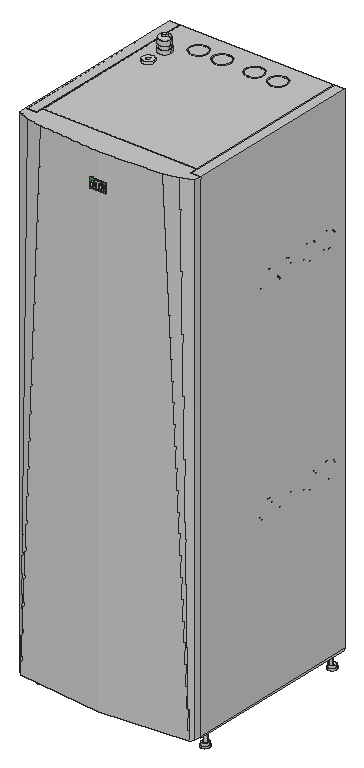
Revit family "HVAC_Heaters_Enertech_CTC-EcoPart-400 Basic", category Specialty Equipment, Revit 2017 (continued)
Lines and regions (mm)
  symbolic lines, detail levels fine
    curve 179: arc (0, 296.451, 1331) -> (0, 287.539, 1351.555) -> (0, 266.984, 1360.467) r 30.484
    curve 180: arc (0, 266.984, 1358.466) -> (0, 286.125, 1350.141) -> (0, 294.45, 1331) r 28.484
    curve 181: arc (0, 264.984, 1360.467) -> (0, 244.428, 1351.555) -> (0, 235.516, 1331) r 30.484
    curve 182: arc (0, 237.518, 1331) -> (0, 245.843, 1350.141) -> (0, 264.984, 1358.466) r 28.484
    curve 183: arc (0, 264.984, 1301.534) -> (0, 245.843, 1309.859) -> (0, 237.518, 1329) r 28.484
    curve 184: arc (0, 235.516, 1329) -> (0, 244.428, 1308.445) -> (0, 264.984, 1299.533) r 30.484
    curve 185: arc (0, 294.45, 1329) -> (0, 286.125, 1309.859) -> (0, 266.984, 1301.534) r 28.484
    curve 186: arc (0, 266.984, 1299.533) -> (0, 287.539, 1308.445) -> (0, 296.451, 1329) r 30.484
    curve 187: line (0, 237.518, 1329) -> (0, 235.516, 1329)
    curve 188: line (0, 235.516, 1331) -> (0, 237.518, 1331)
    curve 189: line (0, 266.984, 1301.534) -> (0, 266.984, 1299.533)
    curve 190: line (0, 264.984, 1299.533) -> (0, 264.984, 1301.534)
    curve 191: line (0, 296.451, 1329) -> (0, 294.45, 1329)
    curve 192: line (0, 294.45, 1331) -> (0, 296.451, 1331)
    curve 193: line (0, 266.984, 1360.467) -> (0, 266.984, 1358.466)
    curve 194: line (0, 264.984, 1358.466) -> (0, 264.984, 1360.467)
    curve 195: arc (0, 216.451, 1331) -> (0, 207.539, 1351.555) -> (0, 186.984, 1360.467) r 30.484
    curve 196: arc (0, 186.984, 1358.466) -> (0, 206.125, 1350.141) -> (0, 214.45, 1331) r 28.484
    curve 197: arc (0, 184.984, 1360.467) -> (0, 164.428, 1351.555) -> (0, 155.516, 1331) r 30.484
    curve 198: arc (0, 157.518, 1331) -> (0, 165.843, 1350.141) -> (0, 184.984, 1358.466) r 28.484
    curve 199: arc (0, 184.984, 1301.534) -> (0, 165.843, 1309.859) -> (0, 157.518, 1329) r 28.484
    curve 200: arc (0, 155.516, 1329) -> (0, 164.428, 1308.445) -> (0, 184.984, 1299.533) r 30.484
    curve 201: arc (0, 214.45, 1329) -> (0, 206.125, 1309.859) -> (0, 186.984, 1301.534) r 28.484
    curve 202: arc (0, 186.984, 1299.533) -> (0, 207.539, 1308.445) -> (0, 216.451, 1329) r 30.484
    curve 203: line (0, 157.518, 1329) -> (0, 155.516, 1329)
    curve 204: line (0, 155.516, 1331) -> (0, 157.518, 1331)
    curve 205: line (0, 186.984, 1301.534) -> (0, 186.984, 1299.533)
    curve 206: line (0, 184.984, 1299.533) -> (0, 184.984, 1301.534)
    curve 207: line (0, 216.451, 1329) -> (0, 214.45, 1329)
    curve 208: line (0, 214.45, 1331) -> (0, 216.451, 1331)
    curve 209: line (0, 186.984, 1360.467) -> (0, 186.984, 1358.466)
    curve 210: line (0, 184.984, 1358.466) -> (0, 184.984, 1360.467)
    curve 211: arc (0, 106.467, 1331) -> (0, 97.555, 1351.555) -> (0, 77, 1360.467) r 30.484
    curve 212: arc (0, 77, 1358.466) -> (0, 96.141, 1350.141) -> (0, 104.466, 1331) r 28.484
    curve 213: arc (0, 75, 1360.467) -> (0, 54.445, 1351.555) -> (0, 45.533, 1331) r 30.484
    curve 214: arc (0, 47.534, 1331) -> (0, 55.859, 1350.141) -> (0, 75, 1358.466) r 28.484
    curve 215: arc (0, 75, 1301.534) -> (0, 55.859, 1309.859) -> (0, 47.534, 1329) r 28.484
    curve 216: arc (0, 45.533, 1329) -> (0, 54.445, 1308.445) -> (0, 75, 1299.533) r 30.484
    curve 217: arc (0, 104.466, 1329) -> (0, 96.141, 1309.859) -> (0, 77, 1301.534) r 28.484
    curve 218: arc (0, 77, 1299.533) -> (0, 97.555, 1308.445) -> (0, 106.467, 1329) r 30.484
    curve 219: line (0, 47.534, 1329) -> (0, 45.533, 1329)
    curve 220: line (0, 45.533, 1331) -> (0, 47.534, 1331)
    curve 221: line (0, 77, 1301.534) -> (0, 77, 1299.533)
    curve 222: line (0, 75, 1299.533) -> (0, 75, 1301.534)
    curve 223: line (0, 106.467, 1329) -> (0, 104.466, 1329)
    curve 224: line (0, 104.466, 1331) -> (0, 106.467, 1331)
    curve 225: line (0, 77, 1360.467) -> (0, 77, 1358.466)
    curve 226: line (0, 75, 1358.466) -> (0, 75, 1360.467)
    curve 227: arc (0, 26.467, 1331) -> (0, 17.555, 1351.555) -> (0, -3, 1360.467) r 30.484
    curve 228: arc (0, -3, 1358.466) -> (0, 16.141, 1350.141) -> (0, 24.466, 1331) r 28.484
    curve 229: arc (0, -5, 1360.467) -> (0, -25.555, 1351.555) -> (0, -34.467, 1331) r 30.484
    curve 230: arc (0, -32.466, 1331) -> (0, -24.141, 1350.141) -> (0, -5, 1358.466) r 28.484
    curve 231: arc (0, -5, 1301.534) -> (0, -24.141, 1309.859) -> (0, -32.466, 1329) r 28.484
    curve 232: arc (0, -34.467, 1329) -> (0, -25.555, 1308.445) -> (0, -5, 1299.533) r 30.484
    curve 233: arc (0, 24.466, 1329) -> (0, 16.141, 1309.859) -> (0, -3, 1301.534) r 28.484
    curve 234: arc (0, -3, 1299.533) -> (0, 17.555, 1308.445) -> (0, 26.467, 1329) r 30.484
    curve 235: line (0, -32.466, 1329) -> (0, -34.467, 1329)
    curve 236: line (0, -34.467, 1331) -> (0, -32.466, 1331)
    curve 237: line (0, -3, 1301.534) -> (0, -3, 1299.533)
    curve 238: line (0, -5, 1299.533) -> (0, -5, 1301.534)
    curve 239: line (0, 26.467, 1329) -> (0, 24.466, 1329)
    curve 240: line (0, 24.466, 1331) -> (0, 26.467, 1331)
    curve 241: line (0, -3, 1360.467) -> (0, -3, 1358.466)
    curve 242: line (0, -5, 1358.466) -> (0, -5, 1360.467)
    curve 243: arc (0, 26.467, 631) -> (0, 17.555, 651.555) -> (0, -3, 660.467) r 30.484
    curve 244: arc (0, -3, 658.466) -> (0, 16.141, 650.141) -> (0, 24.466, 631) r 28.484
    curve 245: arc (0, -5, 660.467) -> (0, -25.555, 651.555) -> (0, -34.467, 631) r 30.484
    curve 246: arc (0, -32.466, 631) -> (0, -24.141, 650.141) -> (0, -5, 658.466) r 28.484
    curve 247: arc (0, -5, 601.534) -> (0, -24.141, 609.859) -> (0, -32.466, 629) r 28.484
    curve 248: arc (0, -34.467, 629) -> (0, -25.555, 608.445) -> (0, -5, 599.533) r 30.484
    curve 249: arc (0, 24.466, 629) -> (0, 16.141, 609.859) -> (0, -3, 601.534) r 28.484
    curve 250: arc (0, -3, 599.533) -> (0, 17.555, 608.445) -> (0, 26.467, 629) r 30.484
    curve 251: line (0, -32.466, 629) -> (0, -34.467, 629)
    curve 252: line (0, -34.467, 631) -> (0, -32.466, 631)
    curve 253: line (0, -3, 601.534) -> (0, -3, 599.533)
    curve 254: line (0, -5, 599.533) -> (0, -5, 601.534)
    curve 255: line (0, 26.467, 629) -> (0, 24.466, 629)
    curve 256: line (0, 24.466, 631) -> (0, 26.467, 631)
    curve 257: line (0, -3, 660.467) -> (0, -3, 658.466)
    curve 258: line (0, -5, 658.466) -> (0, -5, 660.467)
    curve 259: arc (0, 106.467, 631) -> (0, 97.555, 651.555) -> (0, 77, 660.467) r 30.484
    curve 260: arc (0, 77, 658.466) -> (0, 96.141, 650.141) -> (0, 104.466, 631) r 28.484
    curve 261: arc (0, 75, 660.467) -> (0, 54.445, 651.555) -> (0, 45.533, 631) r 30.484
    curve 262: arc (0, 47.534, 631) -> (0, 55.859, 650.141) -> (0, 75, 658.466) r 28.484
    curve 263: arc (0, 75, 601.534) -> (0, 55.859, 609.859) -> (0, 47.534, 629) r 28.484
    curve 264: arc (0, 45.533, 629) -> (0, 54.445, 608.445) -> (0, 75, 599.533) r 30.484
    curve 265: arc (0, 104.466, 629) -> (0, 96.141, 609.859) -> (0, 77, 601.534) r 28.484
    curve 266: arc (0, 77, 599.533) -> (0, 97.555, 608.445) -> (0, 106.467, 629) r 30.484
    curve 267: line (0, 47.534, 629) -> (0, 45.533, 629)
    curve 268: line (0, 45.533, 631) -> (0, 47.534, 631)
    curve 269: line (0, 77, 601.534) -> (0, 77, 599.533)
    curve 270: line (0, 75, 599.533) -> (0, 75, 601.534)
    curve 271: line (0, 106.467, 629) -> (0, 104.466, 629)
    curve 272: line (0, 104.466, 631) -> (0, 106.467, 631)
    curve 273: line (0, 77, 660.467) -> (0, 77, 658.466)
    curve 274: line (0, 75, 658.466) -> (0, 75, 660.467)
    curve 275: arc (0, 216.451, 631) -> (0, 207.539, 651.555) -> (0, 186.984, 660.467) r 30.484
    curve 276: arc (0, 186.984, 658.466) -> (0, 206.125, 650.141) -> (0, 214.45, 631) r 28.484
    curve 277: arc (0, 184.984, 660.467) -> (0, 164.428, 651.555) -> (0, 155.516, 631) r 30.484
    curve 278: arc (0, 157.518, 631) -> (0, 165.843, 650.141) -> (0, 184.984, 658.466) r 28.484
    curve 279: arc (0, 184.984, 601.534) -> (0, 165.843, 609.859) -> (0, 157.518, 629) r 28.484
    curve 280: arc (0, 155.516, 629) -> (0, 164.428, 608.445) -> (0, 184.984, 599.533) r 30.484
    curve 281: arc (0, 214.45, 629) -> (0, 206.125, 609.859) -> (0, 186.984, 601.534) r 28.484
    curve 282: arc (0, 186.984, 599.533) -> (0, 207.539, 608.445) -> (0, 216.451, 629) r 30.484
    curve 283: line (0, 157.518, 629) -> (0, 155.516, 629)
    curve 284: line (0, 155.516, 631) -> (0, 157.518, 631)
    curve 285: line (0, 186.984, 601.534) -> (0, 186.984, 599.533)
    curve 286: line (0, 184.984, 599.533) -> (0, 184.984, 601.534)
    curve 287: line (0, 216.451, 629) -> (0, 214.45, 629)
    curve 288: line (0, 214.45, 631) -> (0, 216.451, 631)
    curve 289: line (0, 186.984, 660.467) -> (0, 186.984, 658.466)
    curve 290: line (0, 184.984, 658.466) -> (0, 184.984, 660.467)
    curve 291: arc (0, 296.451, 631) -> (0, 287.539, 651.555) -> (0, 266.984, 660.467) r 30.484
    curve 292: arc (0, 266.984, 658.466) -> (0, 286.125, 650.141) -> (0, 294.45, 631) r 28.484
    curve 293: arc (0, 264.984, 660.467) -> (0, 244.428, 651.555) -> (0, 235.516, 631) r 30.484
    curve 294: arc (0, 237.518, 631) -> (0, 245.843, 650.141) -> (0, 264.984, 658.466) r 28.484
    curve 295: arc (0, 264.984, 601.534) -> (0, 245.843, 609.859) -> (0, 237.518, 629) r 28.484
    curve 296: arc (0, 235.516, 629) -> (0, 244.428, 608.445) -> (0, 264.984, 599.533) r 30.484
    curve 297: arc (0, 294.45, 629) -> (0, 286.125, 609.859) -> (0, 266.984, 601.534) r 28.484
    curve 298: arc (0, 266.984, 599.533) -> (0, 287.539, 608.445) -> (0, 296.451, 629) r 30.484
    curve 299: line (0, 237.518, 629) -> (0, 235.516, 629)
    curve 300: line (0, 235.516, 631) -> (0, 237.518, 631)
    curve 301: line (0, 266.984, 601.534) -> (0, 266.984, 599.533)
    curve 302: line (0, 264.984, 599.533) -> (0, 264.984, 601.534)
    curve 303: line (0, 296.451, 629) -> (0, 294.45, 629)
    curve 304: line (0, 294.45, 631) -> (0, 296.451, 631)
    curve 305: line (0, 266.984, 660.467) -> (0, 266.984, 658.466)
    curve 306: line (0, 264.984, 658.466) -> (0, 264.984, 660.467)
    curve 307: line (0, 316.77, 4) -> (0, 292.02, 4)
    curve 308: line (0, 309.395, 12) -> (0, 299.395, 12)
    curve 309: line (0, 332.5, 52.518) -> (0, -269.014, 52.518)
    curve 310: line (0, -269.014, 47.518) -> (0, 332.5, 47.518)
    curve 311: line (0, 309.395, 28) -> (0, 309.395, 47.518)
    curve 312: line (0, 299.395, 28) -> (0, 299.395, 47.518)
    curve 313: line (0, -233.639, 28) -> (0, -233.639, 47.518)
    curve 314: line (0, -223.605, 28) -> (0, -223.605, 47.518)
    curve 315: line (0, -116.757, 26.828) -> (0, -125.344, 18.242)
    curve 316: arc (0, -125.344, 18.242) -> (0, -126.758, 17.656) -> (0, -128.172, 18.242) r 2
    curve 317: arc (0, -113.929, 28) -> (0, -115.46, 27.696) -> (0, -116.757, 26.828) r 4
    curve 318: line (0, -128.172, 18.242) -> (0, -136.339, 26.409)
    curve 319: line (0, -137.753, 24.995) -> (0, -129.586, 16.828)
    curve 320: arc (0, -129.586, 16.828) -> (0, -126.758, 15.656) -> (0, -123.929, 16.828) r 4
    curve 321: line (0, -123.929, 16.828) -> (0, -115.343, 25.414)
    curve 322: line (0, -136.339, 26.409) -> (0, -137.753, 24.995)
    curve 323: arc (0, -115.343, 25.414) -> (0, -114.694, 25.848) -> (0, -113.929, 26) r 2
    curve 324: line (0, -113.929, 26) -> (0, -95.586, 26)
    curve 325: arc (0, -92.757, 26.828) -> (0, -94.055, 27.696) -> (0, -95.586, 28) r 4
    curve 326: arc (0, -95.586, 26) -> (0, -94.82, 25.848) -> (0, -94.171, 25.414) r 2
    curve 327: line (0, -84.171, 18.242) -> (0, -92.757, 26.828)
    curve 328: line (0, -94.171, 25.414) -> (0, -85.585, 16.828)
    curve 329: arc (0, -85.585, 16.828) -> (0, -82.756, 15.656) -> (0, -79.928, 16.828) r 4
    curve 330: arc (0, -81.342, 18.242) -> (0, -82.756, 17.656) -> (0, -84.171, 18.242) r 2
    curve 331: line (0, -73.175, 26.409) -> (0, -81.342, 18.242)
    curve 332: line (0, -79.928, 16.828) -> (0, -71.761, 24.995)
    curve 333: line (0, -71.761, 24.995) -> (0, -73.175, 26.409)
    curve 334: line (0, 159.743, 26.828) -> (0, 151.156, 18.242)
    curve 335: arc (0, 151.156, 18.242) -> (0, 149.742, 17.656) -> (0, 148.328, 18.242) r 2
    curve 336: arc (0, 162.571, 28) -> (0, 161.04, 27.696) -> (0, 159.743, 26.828) r 4
    curve 337: line (0, 148.328, 18.242) -> (0, 140.161, 26.409)
    curve 338: line (0, 138.747, 24.995) -> (0, 146.914, 16.828)
    curve 339: arc (0, 146.914, 16.828) -> (0, 149.742, 15.656) -> (0, 152.571, 16.828) r 4
    curve 340: line (0, 152.571, 16.828) -> (0, 161.157, 25.414)
    curve 341: line (0, 140.161, 26.409) -> (0, 138.747, 24.995)
    curve 342: arc (0, 161.157, 25.414) -> (0, 161.806, 25.848) -> (0, 162.571, 26) r 2
    curve 343: line (0, 162.571, 26) -> (0, 180.914, 26)
    curve 344: arc (0, 183.743, 26.828) -> (0, 182.445, 27.696) -> (0, 180.914, 28) r 4
    curve 345: arc (0, 180.914, 26) -> (0, 181.68, 25.848) -> (0, 182.329, 25.414) r 2
    curve 346: line (0, 192.329, 18.242) -> (0, 183.743, 26.828)
    curve 347: line (0, 182.329, 25.414) -> (0, 190.915, 16.828)
    curve 348: arc (0, 190.915, 16.828) -> (0, 193.744, 15.656) -> (0, 196.572, 16.828) r 4
    curve 349: arc (0, 195.158, 18.242) -> (0, 193.744, 17.656) -> (0, 192.329, 18.242) r 2
    curve 350: line (0, 203.325, 26.409) -> (0, 195.158, 18.242)
    curve 351: line (0, 196.572, 16.828) -> (0, 204.739, 24.995)
    curve 352: line (0, 204.739, 24.995) -> (0, 203.325, 26.409)
    curve 353: line (0, -273.014, 52.518) -> (0, -273.014, 1760)
    curve 354: line (0, -297.936, 1760) -> (0, -297.936, 52.518)
    curve 355: line (0, -312.015, 52.5) -> (0, -313.834, 1760)
    curve 356: line (0, -323.074, 1760) -> (0, -312.015, 52.5)
    curve 357: line (0, -233.639, 12) -> (0, -223.605, 12)
    curve 358: line (0, -216.264, 4) -> (0, -241.014, 4)
    curve 411: line (-222.893, 0, 1800.305) -> (-187.324, 0, 1800.305)
    curve 412: line (-184.992, 0, 1798.959) -> (-225.225, 0, 1798.959)
    curve 413: line (-221.129, 0, 1785.2) -> (-189.088, 0, 1785.2)
    curve 414: line (-221.129, 0, 1771) -> (-189.088, 0, 1771)
    curve 415: line (-227.108, 0, 1760) -> (-183.108, 0, 1760)
    curve 416: line (-185.86, 0, 1760) -> (-185.86, 0, 1766)
    curve 417: line (-185.86, 0, 1766) -> (-224.357, 0, 1766)
    curve 418: line (-224.357, 0, 1766) -> (-224.357, 0, 1760)
    curve 419: line (-298, 0, 52.5) -> (298, 0, 52.5)
    curve 420: line (284.5, 0, 47.518) -> (274.5, 0, 47.518)
    curve 421: line (274.5, 0, 12) -> (284.5, 0, 12)
    curve 422: line (267.125, 0, 4) -> (291.875, 0, 4)
    curve 423: line (255.5, 0, 28) -> (-255.5, 0, 28)
    curve 424: line (-255.5, 0, 26.409) -> (255.5, 0, 26.409)
    curve 425: line (255.5, 0, 24.995) -> (-255.5, 0, 24.995)
    curve 426: line (-267.125, 0, 4) -> (-291.875, 0, 4)
    curve 427: line (-284.5, 0, 12) -> (-274.5, 0, 12)
    curve 428: line (-274.5, 0, 47.518) -> (-284.5, 0, 47.518)
    curve 429: line (-208, 0, 1760) -> (-285.5, 0, 52.5)
    curve 430: line (285.5, 0, 52.5) -> (208, 0, 1760)
    curve 431: line (285.5, 0, 52.5) -> (258, 0, 1760)
    curve 432: line (25.5, 0, 1674.675) -> (-25.5, 0, 1674.675)
    curve 433: arc (-25.5, 0, 1674.675) -> (-26.914, 0, 1674.089) -> (-27.5, 0, 1672.675) r 2
    curve 434: line (-27.5, 0, 1672.675) -> (-27.5, 0, 1643.675)
    curve 435: arc (-27.5, 0, 1643.675) -> (-26.914, 0, 1642.261) -> (-25.5, 0, 1641.675) r 2
    curve 436: line (-25.5, 0, 1641.675) -> (25.5, 0, 1641.675)
    curve 437: arc (25.5, 0, 1641.675) -> (26.914, 0, 1642.261) -> (27.5, 0, 1643.675) r 2
    curve 438: line (27.5, 0, 1643.675) -> (27.5, 0, 1672.675)
    curve 439: arc (27.5, 0, 1672.675) -> (26.914, 0, 1674.089) -> (25.5, 0, 1674.675) r 2
    curve 440: spline (24.54, 0, 1657.655) -> (22.341, 0, 1661.729) -> (18.495, 0, 1664.309) -> (13.888, 0, 1664.801) -> (9.584, 0, 1663.092) -> (6.572, 0, 1659.574) -> (5.548, 0, 1655.059) -> (6.747, 0, 1650.587) -> (9.893, 0, 1647.189) -> (14.261, 0, 1645.647) -> (18.844, 0, 1646.318) -> (22.587, 0, 1649.046) -> (24.627, 0, 1653.202)
    curve 441: spline (18.433, 0, 1653.202) -> (17.635, 0, 1651.072) -> (16.341, 0, 1649.726) -> (14.815, 0, 1649.436) -> (13.364, 0, 1650.263) -> (12.285, 0, 1652.037) -> (11.795, 0, 1654.399) -> (11.994, 0, 1656.871) -> (12.842, 0, 1658.95) -> (14.166, 0, 1660.215) -> (15.698, 0, 1660.41) -> (17.128, 0, 1659.494) -> (18.165, 0, 1657.655)
    curve 442: line (18.165, 0, 1657.655) -> (24.54, 0, 1657.655)
    curve 443: line (24.627, 0, 1653.202) -> (18.433, 0, 1653.202)
    curve 444: line (11.698, 0, 1670.834) -> (-11.698, 0, 1670.834)
    curve 445: line (3.815, 0, 1665.508) -> (11.698, 0, 1665.514)
    curve 446: line (-11.698, 0, 1665.493) -> (-3.818, 0, 1665.502)
    curve 447: line (-11.698, 0, 1670.834) -> (-11.698, 0, 1665.493)
    curve 448: line (11.698, 0, 1665.514) -> (11.698, 0, 1670.834)
    curve 449: line (-3.818, 0, 1665.502) -> (-3.81, 0, 1645.555)
    curve 450: line (3.815, 0, 1645.555) -> (3.815, 0, 1665.508)
    curve 451: line (-3.81, 0, 1645.555) -> (3.815, 0, 1645.555)
    curve 452: spline (-5.46, 0, 1657.655) -> (-7.659, 0, 1661.729) -> (-11.505, 0, 1664.309) -> (-16.112, 0, 1664.801) -> (-20.416, 0, 1663.092) -> (-23.428, 0, 1659.574) -> (-24.452, 0, 1655.059) -> (-23.253, 0, 1650.587) -> (-20.107, 0, 1647.189) -> (-15.739, 0, 1645.647) -> (-11.156, 0, 1646.318) -> (-7.413, 0, 1649.046) -> (-5.373, 0, 1653.202)
    curve 453: spline (-11.567, 0, 1653.202) -> (-12.365, 0, 1651.072) -> (-13.659, 0, 1649.726) -> (-15.185, 0, 1649.436) -> (-16.636, 0, 1650.263) -> (-17.715, 0, 1652.037) -> (-18.205, 0, 1654.399) -> (-18.006, 0, 1656.871) -> (-17.158, 0, 1658.95) -> (-15.834, 0, 1660.215) -> (-14.302, 0, 1660.41) -> (-12.872, 0, 1659.494) -> (-11.835, 0, 1657.655)
    curve 454: line (-5.373, 0, 1653.202) -> (-11.567, 0, 1653.202)
    curve 455: line (-11.835, 0, 1657.655) -> (-5.46, 0, 1657.655)
    curve 462: line (-285.5, 0, 52.5) -> (-258, 0, 1760)
  symbolic lines, detail levels coarse
    curve 102: line (-298, 336.5, 0) -> (-298, -336.5, 0)
    curve 103: line (-298, -336.5, 0) -> (298, -336.5, 0)
    curve 104: line (298, -336.5, 0) -> (298, 336.5, 0)
    curve 123: line (0, 222.616, 1807) -> (0, 178.616, 1807)
    curve 124: line (0, 178.616, 1807) -> (0, 178.616, 1760)
    curve 125: line (0, 222.616, 1760) -> (0, 222.616, 1807)
    curve 126: line (0, -336.5, 1760) -> (0, -336.5, 0)
    curve 127: line (0, -336.5, 0) -> (0, 336.5, 0)
    curve 128: line (0, 336.5, 0) -> (0, 336.5, 1560.571)
    curve 456: line (-227.108, 0, 1760) -> (-227.108, 0, 1807)
    curve 457: line (-183.108, 0, 1760) -> (-183.108, 0, 1807)
    curve 458: line (-227.108, 0, 1807) -> (-183.108, 0, 1807)
    curve 459: line (-298, 0, 1760) -> (-298, 0, 0)
    curve 460: line (-298, 0, 0) -> (298, 0, 0)
    curve 461: line (298, 0, 0) -> (298, 0, 1760)
Dimensions and locks
  equal spacing: plane 4, plane 3 "Center (Left/Right)", plane 5
  "NominalWidth": plane 4 to plane 5
  equal spacing: plane 6, plane 1 "Center (Front/Back)", plane 7
  "NominalDepth": plane 6 to plane 7
  "NominalHeight": plane 8 to level
  aligned and locked: level to plane 2
Automatic sketch dimensions
  curve 24 to curve 25 = 0 mm  (x2)
  curve 24 to curve 26 = 0 mm  (x2)
  curve 24 to curve 27 = 0 mm  (x2)
  curve 25 to curve 26 = 0 mm  (x2)
  curve 25 to curve 27 = 0 mm  (x2)
  curve 26 to curve 27 = 0 mm  (x2)
  curve 28 to curve 29 = 0 mm  (x2)
  curve 28 to curve 30 = 0 mm  (x2)
  curve 28 to curve 31 = 0 mm  (x2)
  curve 28 to curve 32 = 0 mm  (x2)
  curve 28 to curve 33 = 0 mm  (x2)
  curve 28 to curve 34 = 0 mm  (x2)
  curve 28 to curve 35 = 0 mm  (x2)
  curve 28 to curve 36 = 0 mm  (x2)
  curve 28 to curve 37 = 0 mm  (x2)
  curve 29 to curve 30 = 0 mm  (x2)
  curve 29 to curve 31 = 0 mm  (x2)
  curve 29 to curve 32 = 0 mm  (x2)
  curve 29 to curve 33 = 0 mm  (x2)
  curve 29 to curve 34 = 0 mm  (x2)
  curve 29 to curve 35 = 0 mm  (x2)
  curve 29 to curve 36 = 0 mm  (x2)
  curve 29 to curve 37 = 0 mm  (x2)
  curve 30 to curve 31 = 0 mm  (x2)
  curve 30 to curve 32 = 0 mm  (x2)
  curve 30 to curve 33 = 0 mm  (x2)
  curve 30 to curve 34 = 0 mm  (x2)
  curve 30 to curve 35 = 0 mm  (x2)
  curve 30 to curve 36 = 0 mm  (x2)
  curve 30 to curve 37 = 0 mm  (x2)
  curve 31 to curve 32 = 0 mm  (x2)
  curve 31 to curve 33 = 0 mm  (x2)
  curve 31 to curve 34 = 0 mm  (x2)
  curve 31 to curve 35 = 0 mm  (x2)
  curve 31 to curve 36 = 0 mm  (x2)
  curve 31 to curve 37 = 0 mm  (x2)
  curve 32 to curve 33 = 0 mm  (x2)
  curve 32 to curve 34 = 0 mm  (x2)
  curve 32 to curve 35 = 0 mm  (x2)
  curve 32 to curve 36 = 0 mm  (x2)
  curve 32 to curve 37 = 0 mm  (x2)
  curve 33 to curve 34 = 0 mm  (x2)
  curve 33 to curve 35 = 0 mm  (x2)
  curve 33 to curve 36 = 0 mm  (x2)
  curve 33 to curve 37 = 0 mm  (x2)
  curve 34 to curve 35 = 0 mm  (x2)
  curve 34 to curve 36 = 0 mm  (x2)
  curve 34 to curve 37 = 0 mm  (x2)
  curve 35 to curve 36 = 0 mm  (x2)
  curve 35 to curve 37 = 0 mm  (x2)
  curve 36 to curve 37 = 0 mm  (x2)
  curve 38 to curve 39 = 0 mm  (x2)
  curve 38 to curve 40 = 0 mm  (x2)
  curve 38 to curve 41 = 0 mm  (x2)
  curve 38 to curve 42 = 0 mm  (x2)
  curve 38 to curve 43 = 0 mm  (x2)
  curve 38 to curve 44 = 0 mm  (x2)
  curve 38 to curve 45 = 0 mm  (x2)
  curve 39 to curve 40 = 0 mm  (x2)
  curve 39 to curve 41 = 0 mm  (x2)
  curve 39 to curve 42 = 0 mm  (x2)
  curve 39 to curve 43 = 0 mm  (x2)
  curve 39 to curve 44 = 0 mm  (x2)
  curve 39 to curve 45 = 0 mm  (x2)
  curve 40 to curve 41 = 0 mm  (x2)
  curve 40 to curve 42 = 0 mm  (x2)
  curve 40 to curve 43 = 0 mm  (x2)
  curve 40 to curve 44 = 0 mm  (x2)
  curve 40 to curve 45 = 0 mm  (x2)
  curve 41 to curve 42 = 0 mm  (x2)
  curve 41 to curve 43 = 0 mm  (x2)
  curve 41 to curve 44 = 0 mm  (x2)
  curve 41 to curve 45 = 0 mm  (x2)
  curve 42 to curve 43 = 0 mm  (x2)
  curve 42 to curve 44 = 0 mm  (x2)
  curve 42 to curve 45 = 0 mm  (x2)
  curve 43 to curve 44 = 0 mm  (x2)
  curve 43 to curve 45 = 0 mm  (x2)
  curve 44 to curve 45 = 0 mm  (x2)
  curve 54 to curve 55 = 0 mm  (x2)
  curve 54 to curve 56 = 0 mm  (x2)
  curve 54 to curve 57 = 0 mm  (x2)
  curve 54 to curve 58 = 0 mm  (x2)
  curve 54 to curve 59 = 0 mm  (x2)
  curve 54 to curve 60 = 0 mm  (x2)
  curve 54 to curve 61 = 0 mm  (x2)
  curve 55 to curve 56 = 0 mm  (x2)
  curve 55 to curve 57 = 0 mm  (x2)
  curve 55 to curve 58 = 0 mm  (x2)
  curve 55 to curve 59 = 0 mm  (x2)
  curve 55 to curve 60 = 0 mm  (x2)
  curve 55 to curve 61 = 0 mm  (x2)
  curve 56 to curve 57 = 0 mm  (x2)
  curve 56 to curve 58 = 0 mm  (x2)
  curve 56 to curve 59 = 0 mm  (x2)
  curve 56 to curve 60 = 0 mm  (x2)
  curve 56 to curve 61 = 0 mm  (x2)
  curve 57 to curve 58 = 0 mm  (x2)
  curve 57 to curve 59 = 0 mm  (x2)
  curve 57 to curve 60 = 0 mm  (x2)
  curve 57 to curve 61 = 0 mm  (x2)
  curve 58 to curve 59 = 0 mm  (x2)
  curve 58 to curve 60 = 0 mm  (x2)
  curve 58 to curve 61 = 0 mm  (x2)
  curve 59 to curve 60 = 0 mm  (x2)
  curve 59 to curve 61 = 0 mm  (x2)
  curve 60 to curve 61 = 0 mm  (x2)
  curve 70 to curve 71 = 0 mm  (x2)
  curve 70 to curve 72 = 0 mm  (x2)
  curve 70 to curve 73 = 0 mm  (x2)
  curve 70 to curve 74 = 0 mm  (x2)
  curve 70 to curve 75 = 0 mm  (x2)
  curve 70 to curve 76 = 0 mm  (x2)
  curve 70 to curve 77 = 0 mm  (x2)
  curve 71 to curve 72 = 0 mm  (x2)
  curve 71 to curve 73 = 0 mm  (x2)
  curve 71 to curve 74 = 0 mm  (x2)
  curve 71 to curve 75 = 0 mm  (x2)
  curve 71 to curve 76 = 0 mm  (x2)
  curve 71 to curve 77 = 0 mm  (x2)
  curve 72 to curve 73 = 0 mm  (x2)
  curve 72 to curve 74 = 0 mm  (x2)
  curve 72 to curve 75 = 0 mm  (x2)
  curve 72 to curve 76 = 0 mm  (x2)
  curve 72 to curve 77 = 0 mm  (x2)
  curve 73 to curve 74 = 0 mm  (x2)
  curve 73 to curve 75 = 0 mm  (x2)
  curve 73 to curve 76 = 0 mm  (x2)
  curve 73 to curve 77 = 0 mm  (x2)
  curve 74 to curve 75 = 0 mm  (x2)
  curve 74 to curve 76 = 0 mm  (x2)
  curve 74 to curve 77 = 0 mm  (x2)
  curve 75 to curve 76 = 0 mm  (x2)
  curve 75 to curve 77 = 0 mm  (x2)
  curve 76 to curve 77 = 0 mm  (x2)
  curve 86 to curve 87 = 0 mm  (x2)
  curve 86 to curve 88 = 0 mm  (x2)
  curve 86 to curve 89 = 0 mm  (x2)
  curve 86 to curve 90 = 0 mm  (x2)
  curve 86 to curve 91 = 0 mm  (x2)
  curve 86 to curve 92 = 0 mm  (x2)
  curve 86 to curve 93 = 0 mm  (x2)
  curve 87 to curve 88 = 0 mm  (x2)
  curve 87 to curve 89 = 0 mm  (x2)
  curve 87 to curve 90 = 0 mm  (x2)
  curve 87 to curve 91 = 0 mm  (x2)
  curve 87 to curve 92 = 0 mm  (x2)
  curve 87 to curve 93 = 0 mm  (x2)
  curve 88 to curve 89 = 0 mm  (x2)
  curve 88 to curve 90 = 0 mm  (x2)
  curve 88 to curve 91 = 0 mm  (x2)
  curve 88 to curve 92 = 0 mm  (x2)
  curve 88 to curve 93 = 0 mm  (x2)
  curve 89 to curve 90 = 0 mm  (x2)
  curve 89 to curve 91 = 0 mm  (x2)
  curve 89 to curve 92 = 0 mm  (x2)
  curve 89 to curve 93 = 0 mm  (x2)
  curve 90 to curve 91 = 0 mm  (x2)
  curve 90 to curve 92 = 0 mm  (x2)
  curve 90 to curve 93 = 0 mm  (x2)
  curve 91 to curve 92 = 0 mm  (x2)
  curve 91 to curve 93 = 0 mm  (x2)
  curve 92 to curve 93 = 0 mm  (x2)
  curve 103 to plane 4 = 0 mm
  curve 20 to plane 6 = 0 mm
  curve 13 to plane 3 "Center (Left/Right)" = 0 mm
  curve 16 to plane 5 = 0 mm
  curve 103 to plane 7 = 0 mm
  plane 4 to curve 19 = 35 mm
  plane 4 to curve 11 = 40 mm
  curve 20 to curve 8 = 24.493 mm
  curve 8 to curve 6 = 28 mm
  plane 7 to curve 12 = 13.426 mm
  curve 11 to curve 12 = 50 mm
  plane 4 to curve 28 = 92.892 mm
  curve 27 to curve 28 = 0 mm
  curve 28 to curve 49 = 39.649 mm
  curve 48 to curve 49 = 0 mm  (x2)
  curve 49 to curve 49 = 2.001 mm
  curve 48 to curve 46 = 27.466 mm
  curve 38 to curve 52 = 27.466 mm
  curve 49 to curve 43 = 28.466 mm
  curve 38 to curve 53 = 2 mm
  curve 46 to curve 47 = 2 mm
  curve 38 to curve 50 = 28.466 mm
  curve 51 to curve 42 = 0 mm
  curve 42 to curve 50 = 2.001 mm
  curve 51 to curve 43 = 0 mm
  curve 43 to curve 64 = 19.066 mm
  curve 65 to curve 61 = 0 mm
  curve 55 to curve 65 = 2.001 mm
  curve 64 to curve 65 = 0 mm
  curve 64 to curve 62 = 27.466 mm
  curve 54 to curve 68 = 27.466 mm
  curve 65 to curve 60 = 28.466 mm
  curve 68 to curve 69 = 2 mm
  curve 60 to curve 63 = 2 mm
  curve 66 to plane 3 "Center (Left/Right)" = 26.526 mm
  curve 67 to curve 58 = 0 mm
  curve 66 to curve 66 = 2.001 mm
  curve 67 to curve 66 = 0 mm
  plane 3 "Center (Left/Right)" to curve 81 = 24.525 mm
  curve 80 to curve 71 = 0 mm
  curve 81 to curve 81 = 2.001 mm
  curve 80 to curve 81 = 0 mm
  curve 80 to curve 78 = 27.466 mm
  curve 70 to curve 84 = 27.466 mm
  curve 81 to curve 77 = 28.466 mm
  curve 71 to curve 85 = 2 mm
  curve 77 to curve 79 = 2 mm
  curve 70 to curve 83 = 28.466 mm
  curve 82 to curve 72 = 0 mm
  curve 72 to curve 83 = 2.001 mm
  curve 82 to curve 73 = 0 mm
  curve 73 to curve 97 = 19.066 mm
  curve 96 to curve 87 = 0 mm
  curve 93 to curve 96 = 2.001 mm
  curve 97 to curve 96 = 0 mm
  curve 92 to curve 94 = 27.466 mm
  curve 86 to curve 100 = 27.466 mm
  curve 97 to curve 89 = 28.466 mm
  curve 87 to curve 101 = 2 mm
  curve 93 to curve 95 = 2 mm
  curve 86 to curve 99 = 28.466 mm
  curve 98 to curve 99 = 0 mm
  curve 88 to curve 99 = 2.001 mm
  curve 98 to curve 89 = 0 mm
  plane 7 to curve 14 = 13.426 mm
  curve 4 to plane 5 = 87.493 mm
  plane 6 to curve 2 = 1 mm
  curve 3 to curve 2 = 28 mm
  curve 15 to plane 5 = 40 mm
  curve 17 to plane 5 = 35 mm
  plane 7 to curve 14 = 22.666 mm
  plane 7 to curve 11 = 22.666 mm
  curve 103 to curve 15 = 38.564 mm
  plane 7 to curve 10 = 38.564 mm
  curve 11 to curve 20 = 40.82 mm
  curve 14 to curve 18 = 40.82 mm
  curve 25 to plane 1 "Center (Front/Back)" = 130.616 mm
  curve 24 to curve 33 = 70 mm
  curve 101 to plane 6 = 109.417 mm
  curve 69 to plane 6 = 109.417 mm
  curve 84 to curve 89 = 0 mm
  curve 28 to curve 53 = 29.966 mm
  curve 71 to curve 85 = 0 mm
  curve 100 to curve 89 = 0 mm
  curve 52 to curve 53 = 0 mm
  curve 68 to curve 69 = 0 mm
  curve 89 to curve 101 = 2.001 mm
  curve 39 to curve 52 = 2.001 mm
  curve 73 to curve 85 = 2.001 mm
  curve 68 to curve 68 = 2.001 mm
  curve 57 to curve 66 = 2 mm
  curve 89 to curve 98 = 2 mm
  curve 97 to curve 96 = 2 mm
  curve 65 to curve 64 = 2 mm
  curve 40 to curve 50 = 2 mm
  curve 49 to curve 48 = 2 mm
  curve 73 to curve 82 = 2 mm
  curve 81 to curve 80 = 2 mm
  plane 6 to curve 8 = 1 mm
  plane 6 to curve 13 = 937.934 mm
  curve 28 to curve 28 = 22 mm
  curve 28 to curve 29 = 1.883 mm
  curve 24 to curve 24 = 19.248 mm
  curve 29 to curve 30 = 2.332 mm
  curve 35 to curve 31 = 6.435 mm
  curve 26 to curve 24 = 7.026 mm
  curve 32 to curve 28 = 5.5 mm
  curve 17 to curve 21 = 26 mm
  curve 459 to level = 0 mm
  curve 459 to plane 4 = 0 mm
  curve 385 to level = 0 mm
  curve 462 to plane 8 = 0 mm
  curve 365 to level = 0 mm
  curve 408 to plane 5 = 0 mm
  plane 4 to curve 386 = 4.125 mm
  curve 385 to curve 426 = 2 mm
  plane 4 to curve 428 = 13.5 mm
  curve 389 to curve 379 = 10 mm
  curve 379 to curve 380 = 7.375 mm
  curve 381 to curve 384 = 2 mm
  curve 378 to curve 377 = 11.5 mm
  curve 376 to curve 375 = 7.5 mm
  plane 4 to curve 415 = 70.892 mm
  curve 456 to curve 398 = 1.883 mm
  curve 393 to curve 418 = 2.752 mm
  curve 397 to curve 398 = 2.332 mm
  curve 396 to curve 396 = 4.096 mm
  curve 398 to curve 399 = 6.695 mm
  curve 400 to curve 410 = 22.439 mm
  curve 410 to curve 413 = 4.671 mm
  plane 8 to curve 401 = 40.305 mm
  curve 410 to curve 401 = 6.435 mm
  curve 404 to curve 416 = 3.228 mm
  curve 403 to curve 402 = 4.096 mm
  curve 401 to curve 458 = 4.216 mm
  curve 434 to plane 3 "Center (Left/Right)" = 27.5 mm
  curve 433 to curve 432 = 2 mm
  curve 434 to curve 435 = 2 mm
  curve 455 to plane 3 "Center (Left/Right)" = 11.835 mm
  curve 453 to curve 447 = 0.137 mm
  curve 455 to curve 454 = 0.268 mm
  curve 455 to plane 3 "Center (Left/Right)" = 5.46 mm
  curve 452 to curve 454 = 0.087 mm
  curve 449 to plane 3 "Center (Left/Right)" = 3.818 mm
  curve 451 to plane 3 "Center (Left/Right)" = 3.81 mm
  plane 3 "Center (Left/Right)" to curve 450 = 3.815 mm
  curve 445 to curve 448 = 7.883 mm
  curve 445 to curve 442 = 6.467 mm
  curve 442 to curve 443 = 0.268 mm
  curve 442 to curve 442 = 6.375 mm
  curve 440 to curve 443 = 0.087 mm
  curve 443 to curve 436 = 0.873 mm
  curve 444 to curve 432 = 13.802 mm
  curve 437 to curve 438 = 2 mm
  curve 372 to plane 5 = 42.5 mm
  curve 372 to curve 371 = 7.5 mm
  level to curve 365 = 4 mm
  curve 373 to curve 365 = 9.625 mm
  curve 365 to curve 422 = 2 mm
  curve 370 to curve 369 = 11.5 mm
  curve 369 to curve 409 = 10 mm
  curve 361 to plane 5 = 6.125 mm
  curve 364 to plane 5 = 4.125 mm
  curve 383 to curve 383 = 4 mm
  curve 386 to curve 389 = 8 mm
  curve 361 to curve 361 = 8 mm
  curve 380 to curve 375 = 3.656 mm
  curve 374 to curve 376 = 12.344 mm
  curve 376 to curve 428 = 19.518 mm
  curve 371 to curve 371 = 19.518 mm
  curve 435 to curve 451 = 1.88 mm
  curve 437 to curve 443 = 9.527 mm
  curve 449 to curve 454 = 7.647 mm
  curve 441 to curve 442 = 4.452 mm
  curve 453 to curve 455 = 4.452 mm
  curve 453 to curve 447 = 7.839 mm
  curve 446 to curve 446 = 0.008 mm
  curve 446 to curve 450 = 0.006 mm
  curve 445 to curve 448 = 0.006 mm
  curve 446 to curve 444 = 5.341 mm
  curve 444 to curve 434 = 1.841 mm
  plane 8 to curve 418 = 6 mm
  curve 416 to curve 404 = 5 mm
  curve 404 to curve 403 = 14.2 mm
  curve 398 to curve 400 = 1.347 mm
  curve 398 to curve 456 = 6.695 mm
  curve 462 to curve 389 = 1 mm
  curve 429 to curve 462 = 0 mm
  curve 462 to curve 392 = 30.892 mm
  curve 418 to curve 429 = 16.357 mm
  curve 453 to curve 453 = 3.241 mm
  curve 453 to curve 452 = 0.004 mm
  curve 441 to curve 441 = 3.241 mm
  curve 441 to curve 440 = 0.004 mm
  curve 430 to plane 5 = 90 mm
  curve 431 to plane 5 = 40 mm
  curve 359 to curve 431 = 1 mm
  curve 430 to curve 431 = 0 mm
  curve 425 to curve 375 = 3.005 mm
  curve 425 to curve 424 = 1.414 mm
  curve 390 to curve 419 = 4.982 mm
  curve 440 to curve 443 = 7.6 mm
  curve 452 to curve 453 = 7.6 mm
  curve 440 to curve 441 = 3.801 mm
  curve 452 to curve 453 = 3.801 mm
  Extrusion 1 sketch curve to plane 6 = 0 mm
  plane 4 to Extrusion 1 sketch curve = 35 mm
  Extrusion 1 sketch curve to Extrusion 1 sketch curve = 2 mm  (x3)
  Extrusion 1 sketch curve to plane 6 = 2 mm
  Extrusion 1 sketch curve to plane 5 = 37 mm
  plane 7 to Extrusion 1 sketch curve = 91.486 mm
  Extrusion 2 sketch curve to plane 6 = 0 mm
  plane 4 to Extrusion 2 sketch curve = 35 mm
  Extrusion 2 sketch curve to plane 5 = 35 mm
  plane 7 to Extrusion 2 sketch curve = 89.486 mm
  Extrusion 3 sketch curve to plane 4 = 0 mm
  Extrusion 3 sketch curve to plane 6 = 0 mm  (x2)
  Extrusion 3 sketch curve to plane 5 = 0 mm
  plane 4 to Extrusion 3 sketch curve = 2 mm
  Extrusion 3 sketch curve to Extrusion 3 sketch curve = 31 mm
  Extrusion 3 sketch curve to Extrusion 3 sketch curve = 2 mm  (x4)
  Extrusion 3 sketch curve to plane 5 = 35 mm
  Extrusion 3 sketch curve to plane 5 = 2 mm
  Extrusion 3 sketch curve to plane 6 = 2 mm  (x2)
  plane 7 to Extrusion 3 sketch curve = 65.486 mm  (x2)
  Extrusion 4 sketch curve to plane 4 = 0 mm
  Extrusion 4 sketch curve to plane 6 = 0 mm  (x2)
  Extrusion 4 sketch curve to plane 5 = 0 mm
  plane 4 to Extrusion 4 sketch curve = 35 mm
  Extrusion 4 sketch curve to plane 5 = 35 mm
  plane 7 to Extrusion 4 sketch curve = 63.486 mm  (x2)
  Extrusion 5 sketch curve to plane 4 = 0 mm
  Extrusion 5 sketch curve to plane 5 = 0 mm
  plane 4 to Extrusion 5 sketch curve = 35 mm
  Extrusion 5 sketch curve to plane 5 = 35 mm
  level to Extrusion 5 sketch curve = 28 mm
  Extrusion 5 sketch curve to Extrusion 5 sketch curve = 19.518 mm  (x2)
  Extrusion 5 sketch curve to Extrusion 5 sketch curve = 5 mm
  Extrusion 6 sketch curve to Extrusion 6 sketch curve = 0 mm  (x246)
  plane 4 to Extrusion 6 sketch curve = 132.541 mm
  Extrusion 6 sketch curve to Extrusion 6 sketch curve = 2.001 mm  (x12)
  Extrusion 6 sketch curve to Extrusion 6 sketch curve = 27.466 mm  (x8)
  Extrusion 6 sketch curve to Extrusion 6 sketch curve = 28.466 mm  (x4)
  Extrusion 6 sketch curve to Extrusion 6 sketch curve = 2 mm  (x16)
  Extrusion 6 sketch curve to Extrusion 6 sketch curve = 19.066 mm  (x2)
  Extrusion 6 sketch curve to Extrusion 6 sketch curve = 1 mm  (x3)
  Extrusion 6 sketch curve to plane 3 "Center (Left/Right)" = 26.526 mm
  plane 3 "Center (Left/Right)" to Extrusion 6 sketch curve = 24.525 mm
  Extrusion 6 sketch curve to plane 6 = 109.417 mm  (x2)
  Extrusion 7 sketch curve to Extrusion 7 sketch curve = 0 mm  (x494)
  plane 1 "Center (Front/Back)" to Extrusion 7 sketch curve = 34.467 mm  (x2)
  Extrusion 7 sketch curve to Extrusion 7 sketch curve = 2.001 mm  (x24)
  plane 1 "Center (Front/Back)" to Extrusion 7 sketch curve = 5 mm  (x4)
  plane 1 "Center (Front/Back)" to Extrusion 7 sketch curve = 4 mm  (x2)
  Extrusion 7 sketch curve to Extrusion 7 sketch curve = 2 mm  (x32)
  Extrusion 7 sketch curve to plane 1 "Center (Front/Back)" = 24.466 mm  (x2)
  Extrusion 7 sketch curve to Extrusion 7 sketch curve = 19.066 mm  (x4)
  Extrusion 7 sketch curve to Extrusion 7 sketch curve = 27.466 mm  (x12)
  Extrusion 7 sketch curve to Extrusion 7 sketch curve = 1 mm  (x4)
  Extrusion 7 sketch curve to Extrusion 7 sketch curve = 28.466 mm  (x8)
  Extrusion 7 sketch curve to Extrusion 7 sketch curve = 49.049 mm  (x2)
  level to Extrusion 7 sketch curve = 599.533 mm
  Extrusion 7 sketch curve to plane 8 = 460.467 mm
  Extrusion 8 sketch curve to Extrusion 8 sketch curve = 0 mm  (x494)
  plane 4 to Extrusion 8 sketch curve = 132.533 mm  (x2)
  Extrusion 8 sketch curve to Extrusion 8 sketch curve = 2.001 mm  (x24)
  Extrusion 8 sketch curve to Extrusion 8 sketch curve = 27.466 mm  (x16)
  Extrusion 8 sketch curve to Extrusion 8 sketch curve = 1 mm  (x7)
  Extrusion 8 sketch curve to Extrusion 8 sketch curve = 2 mm  (x32)
  Extrusion 8 sketch curve to Extrusion 8 sketch curve = 28.466 mm  (x7)
  Extrusion 8 sketch curve to Extrusion 8 sketch curve = 19.066 mm  (x4)
  Extrusion 8 sketch curve to plane 3 "Center (Left/Right)" = 26.534 mm  (x2)
  plane 3 "Center (Left/Right)" to Extrusion 8 sketch curve = 24.516 mm  (x2)
  level to Extrusion 8 sketch curve = 599.533 mm
  Extrusion 8 sketch curve to plane 8 = 460.467 mm
  Extrusion 9 sketch curve to Extrusion 9 sketch curve = 0 mm  (x15)
  plane 4 to Extrusion 9 sketch curve = 73.493 mm  (x2)
  Extrusion 9 sketch curve to plane 5 = 73.493 mm
  Extrusion 9 sketch curve to plane 8 = 185.429 mm  (x2)
  Extrusion 9 sketch curve to Extrusion 9 sketch curve = 50 mm  (x4)
  Extrusion 10 sketch curve to Extrusion 10 sketch curve = 0 mm  (x16)
  level to Extrusion 10 sketch curve = 24.995 mm  (x2)
  plane 1 "Center (Front/Back)" to Extrusion 10 sketch curve = 141.253 mm
  level to Extrusion 10 sketch curve = 26.409 mm  (x4)
  Extrusion 10 sketch curve to Extrusion 10 sketch curve = 1.414 mm  (x20)
  level to Extrusion 10 sketch curve = 16.828 mm  (x8)
  level to Extrusion 10 sketch curve = 18.242 mm  (x8)
  level to Extrusion 10 sketch curve = 26.828 mm  (x4)
  Extrusion 10 sketch curve to Extrusion 10 sketch curve = 8.587 mm  (x4)
  level to Extrusion 10 sketch curve = 25.414 mm  (x4)
  Extrusion 10 sketch curve to Extrusion 10 sketch curve = 18.343 mm  (x2)
  Extrusion 10 sketch curve to Extrusion 10 sketch curve = 8.167 mm  (x2)
  Extrusion 10 sketch curve to plane 1 "Center (Front/Back)" = 138.747 mm
  Revolve 11 sketch curve to level = 0 mm  (x2)
  plane 4 to Revolve 11 sketch curve = 18.5 mm
  Revolve 11 sketch curve to Revolve 11 sketch curve = 12.375 mm
  Revolve 11 sketch curve to Revolve 11 sketch curve = 2 mm
  Revolve 11 sketch curve to Revolve 11 sketch curve = 4 mm
  Revolve 11 sketch curve to Revolve 11 sketch curve = 8 mm
  Revolve 11 sketch curve to Revolve 11 sketch curve = 0 mm  (x2)
  Revolve 12 sketch curve to level = 0 mm  (x2)
  plane 5 to Revolve 12 sketch curve = 18.5 mm
  Revolve 12 sketch curve to Revolve 12 sketch curve = 12.375 mm
  Revolve 12 sketch curve to Revolve 12 sketch curve = 2 mm
  Revolve 12 sketch curve to Revolve 12 sketch curve = 4 mm
  Revolve 12 sketch curve to Revolve 12 sketch curve = 8 mm
  Revolve 12 sketch curve to Revolve 12 sketch curve = 0 mm  (x2)
  Revolve 13 sketch curve to level = 0 mm  (x2)
  plane 4 to Revolve 13 sketch curve = 18.5 mm
  Revolve 13 sketch curve to Revolve 13 sketch curve = 12.375 mm
  Revolve 13 sketch curve to Revolve 13 sketch curve = 2 mm
  Revolve 13 sketch curve to Revolve 13 sketch curve = 4 mm
  Revolve 13 sketch curve to Revolve 13 sketch curve = 8 mm
  Revolve 13 sketch curve to Revolve 13 sketch curve = 0 mm  (x2)
  Revolve 14 sketch curve to level = 0 mm  (x2)
  plane 5 to Revolve 14 sketch curve = 18.5 mm
  Revolve 14 sketch curve to Revolve 14 sketch curve = 12.375 mm
  Revolve 14 sketch curve to Revolve 14 sketch curve = 2 mm
  Revolve 14 sketch curve to Revolve 14 sketch curve = 4 mm
  Revolve 14 sketch curve to Revolve 14 sketch curve = 8 mm
  Revolve 14 sketch curve to Revolve 14 sketch curve = 0 mm  (x2)
  plane 4 to Extrusion 15 sketch curve = 18.5 mm  (x2)
  Extrusion 15 sketch curve to plane 5 = 18.5 mm  (x2)
  plane 7 to Extrusion 15 sketch curve = 107.861 mm  (x2)
  Extrusion 15 sketch curve to plane 6 = 32.105 mm  (x2)
  Blend 16 sketch curve to plane 4 = 0 mm  (x2)
  Blend 16 sketch curve to plane 3 "Center (Left/Right)" = 0 mm  (x2)
  Blend 16 sketch curve to plane 5 = 0 mm  (x2)
  plane 4 to Blend 16 sketch curve = 12.5 mm
  plane 4 to Blend 16 sketch curve = 35 mm  (x2)
  Blend 16 sketch curve to plane 5 = 35 mm  (x2)
  Blend 16 sketch curve to plane 5 = 12.5 mm
  plane 7 to Blend 16 sketch curve = 24.485 mm
  Blend 16 sketch curve to Blend 16 sketch curve = 14.078 mm  (x2)
  Blend 16 sketch curve to Blend 16 sketch curve = 24.922 mm  (x3)
  Blend 16 sketch curve to Blend 16 sketch curve = 26 mm  (x2)
  plane 6 to Blend 16 sketch curve = 996.727 mm
  plane 4 to Blend 16 sketch curve = 40 mm
  plane 7 to Blend 16 sketch curve = 13.426 mm  (x2)
  Blend 16 sketch curve to Blend 16 sketch curve = 50 mm
  Blend 16 sketch curve to plane 5 = 40 mm
  plane 7 to Blend 16 sketch curve = 22.666 mm  (x2)
  plane 7 to Blend 16 sketch curve = 38.564 mm  (x2)
  Blend 16 sketch curve to Blend 16 sketch curve = 40.82 mm
  plane 6 to Blend 16 sketch curve = 937.934 mm
  Extrusion 17 sketch curve to plane 3 "Center (Left/Right)" = 27.5 mm
  Extrusion 17 sketch curve to Extrusion 17 sketch curve = 2 mm  (x3)
  plane 3 "Center (Left/Right)" to Extrusion 17 sketch curve = 25.5 mm  (x2)
  Extrusion 17 sketch curve to plane 8 = 118.325 mm
  Extrusion 17 sketch curve to Extrusion 17 sketch curve = 29 mm
  Extrusion 18 sketch curve to plane 3 "Center (Left/Right)" = 11.835 mm
  Extrusion 18 sketch curve to Extrusion 18 sketch curve = 0.137 mm
  Extrusion 18 sketch curve to Extrusion 18 sketch curve = 0.268 mm  (x2)
  Extrusion 18 sketch curve to plane 3 "Center (Left/Right)" = 5.46 mm
  Extrusion 18 sketch curve to Extrusion 18 sketch curve = 0.087 mm  (x2)
  Extrusion 18 sketch curve to plane 3 "Center (Left/Right)" = 3.818 mm
  Extrusion 18 sketch curve to plane 3 "Center (Left/Right)" = 3.81 mm
  plane 3 "Center (Left/Right)" to Extrusion 18 sketch curve = 3.815 mm
  Extrusion 18 sketch curve to Extrusion 18 sketch curve = 7.883 mm
  Extrusion 18 sketch curve to Extrusion 18 sketch curve = 6.467 mm
  Extrusion 18 sketch curve to Extrusion 18 sketch curve = 6.375 mm
  Extrusion 18 sketch curve to plane 8 = 114.445 mm
  Extrusion 18 sketch curve to Extrusion 18 sketch curve = 7.647 mm  (x2)
  Extrusion 18 sketch curve to Extrusion 18 sketch curve = 4.452 mm  (x2)
  Extrusion 18 sketch curve to Extrusion 18 sketch curve = 7.839 mm
  Extrusion 18 sketch curve to Extrusion 18 sketch curve = 0.008 mm
  Extrusion 18 sketch curve to Extrusion 18 sketch curve = 0.006 mm  (x2)
  Extrusion 18 sketch curve to Extrusion 18 sketch curve = 5.32 mm
  Extrusion 18 sketch curve to Extrusion 18 sketch curve = 2.969 mm
  Extrusion 18 sketch curve to Extrusion 18 sketch curve = 0.004 mm  (x2)
  Extrusion 18 sketch curve to Extrusion 18 sketch curve = 3.241 mm
  Extrusion 18 sketch curve to Extrusion 18 sketch curve = 7.6 mm  (x2)
  Extrusion 18 sketch curve to Extrusion 18 sketch curve = 3.801 mm  (x2)
  Extrusion 19 sketch curve to Extrusion 19 sketch curve = 0 mm  (x2)
  plane 4 to Extrusion 19 sketch curve = 92.892 mm
  Extrusion 19 sketch curve to plane 1 "Center (Front/Back)" = 130.616 mm
  Revolve 20 sketch curve to plane 8 = 0 mm  (x2)
  plane 4 to Revolve 20 sketch curve = 92.892 mm
  Revolve 20 sketch curve to Revolve 20 sketch curve = 11.084 mm
  Revolve 20 sketch curve to Revolve 20 sketch curve = 0.265 mm
  Revolve 20 sketch curve to Revolve 20 sketch curve = 16.021 mm
  plane 8 to Revolve 20 sketch curve = 40.305 mm
  Revolve 20 sketch curve to Revolve 20 sketch curve = 6.7 mm
  plane 8 to Revolve 20 sketch curve = 38.959 mm
  Revolve 20 sketch curve to Revolve 20 sketch curve = 2.332 mm
  Revolve 20 sketch curve to Revolve 20 sketch curve = 5.979 mm
  plane 8 to Revolve 20 sketch curve = 11 mm
  Revolve 20 sketch curve to Revolve 20 sketch curve = 14.2 mm
  Revolve 20 sketch curve to Revolve 20 sketch curve = 0 mm  (x2)
  plane 4 to Extrusion 21 sketch curve = 92.892 mm
  Extrusion 21 sketch curve to plane 6 = 139.384 mm
  Extrusion 22 sketch curve to plane 4 = 0 mm
  Extrusion 22 sketch curve to plane 5 = 0 mm
  Extrusion 22 sketch curve to plane 7 = 0 mm
  Extrusion 22 sketch curve to plane 6 = 0 mm
  Extrusion 23 sketch curve to plane 3 "Center (Left/Right)" = 134.992 mm
  Extrusion 23 sketch curve to plane 3 "Center (Left/Right)" = 54.992 mm
  plane 3 "Center (Left/Right)" to Extrusion 23 sketch curve = 54.992 mm
  Extrusion 23 sketch curve to Extrusion 23 sketch curve = 80 mm
  Extrusion 23 sketch curve to plane 6 = 78.95 mm  (x4)
  plane 1 "Center (Front/Back)" to Extrusion 24 sketch curve = 4 mm  (x2)
  Extrusion 24 sketch curve to plane 1 "Center (Front/Back)" = 76 mm  (x2)
  Extrusion 24 sketch curve to Extrusion 24 sketch curve = 109.984 mm  (x2)
  Extrusion 24 sketch curve to plane 6 = 74.016 mm  (x2)
  level to Extrusion 24 sketch curve = 630 mm
  Extrusion 24 sketch curve to Extrusion 24 sketch curve = 0 mm  (x6)
  Extrusion 24 sketch curve to plane 8 = 430 mm
  plane 1 "Center (Front/Back)" to Extrusion 25 sketch curve = 4 mm  (x2)
  Extrusion 25 sketch curve to plane 1 "Center (Front/Back)" = 76 mm  (x2)
  Extrusion 25 sketch curve to Extrusion 25 sketch curve = 109.984 mm  (x2)
  Extrusion 25 sketch curve to plane 6 = 74.016 mm  (x2)
  Extrusion 25 sketch curve to plane 8 = 430 mm
  Extrusion 25 sketch curve to Extrusion 25 sketch curve = 0 mm  (x6)
  level to Extrusion 25 sketch curve = 630 mm
  curve 179 to curve 180 = 0 mm  (x2)
  curve 179 to curve 181 = 0 mm  (x2)
  curve 179 to curve 182 = 0 mm  (x2)
  curve 179 to curve 183 = 0 mm  (x2)
  curve 179 to curve 184 = 0 mm  (x2)
  curve 179 to curve 185 = 0 mm  (x2)
  curve 179 to curve 186 = 0 mm  (x2)
  curve 195 to curve 196 = 0 mm  (x2)
  curve 195 to curve 197 = 0 mm  (x2)
  curve 195 to curve 198 = 0 mm  (x2)
  curve 195 to curve 199 = 0 mm  (x2)
  curve 195 to curve 200 = 0 mm  (x2)
  curve 195 to curve 201 = 0 mm  (x2)
  curve 195 to curve 202 = 0 mm  (x2)
  curve 211 to curve 212 = 0 mm  (x2)
  curve 211 to curve 213 = 0 mm  (x2)
  curve 211 to curve 214 = 0 mm  (x2)
  curve 211 to curve 215 = 0 mm  (x2)
  curve 211 to curve 216 = 0 mm  (x2)
  curve 211 to curve 217 = 0 mm  (x2)
  curve 211 to curve 218 = 0 mm  (x2)
  curve 227 to curve 228 = 0 mm  (x2)
  curve 227 to curve 229 = 0 mm  (x2)
  curve 227 to curve 230 = 0 mm  (x2)
  curve 227 to curve 231 = 0 mm  (x2)
  curve 227 to curve 232 = 0 mm  (x2)
  curve 227 to curve 233 = 0 mm  (x2)
  curve 227 to curve 234 = 0 mm  (x2)
  curve 243 to curve 244 = 0 mm  (x2)
  curve 243 to curve 245 = 0 mm  (x2)
  curve 243 to curve 246 = 0 mm  (x2)
  curve 243 to curve 247 = 0 mm  (x2)
  curve 243 to curve 248 = 0 mm  (x2)
  curve 243 to curve 249 = 0 mm  (x2)
  curve 243 to curve 250 = 0 mm  (x2)
  curve 259 to curve 260 = 0 mm  (x2)
  curve 259 to curve 261 = 0 mm  (x2)
  curve 259 to curve 262 = 0 mm  (x2)
  curve 259 to curve 263 = 0 mm  (x2)
  curve 259 to curve 264 = 0 mm  (x2)
  curve 259 to curve 265 = 0 mm  (x2)
  curve 259 to curve 266 = 0 mm  (x2)
  curve 275 to curve 276 = 0 mm  (x2)
  curve 275 to curve 277 = 0 mm  (x2)
  curve 275 to curve 278 = 0 mm  (x2)
  curve 275 to curve 279 = 0 mm  (x2)
  curve 275 to curve 280 = 0 mm  (x2)
  curve 275 to curve 281 = 0 mm  (x2)
  curve 275 to curve 282 = 0 mm  (x2)
  curve 291 to curve 292 = 0 mm  (x2)
  curve 291 to curve 293 = 0 mm  (x2)
  curve 291 to curve 294 = 0 mm  (x2)
  curve 291 to curve 295 = 0 mm  (x2)
  curve 291 to curve 296 = 0 mm  (x2)
  curve 291 to curve 297 = 0 mm  (x2)
  curve 291 to curve 298 = 0 mm  (x2)
  curve 316 to curve 320 = 0 mm  (x2)
  curve 317 to curve 323 = 0 mm  (x2)
  curve 325 to curve 326 = 0 mm  (x2)
  curve 329 to curve 330 = 0 mm  (x2)
  curve 335 to curve 339 = 0 mm  (x2)
  curve 336 to curve 342 = 0 mm  (x2)
  curve 344 to curve 345 = 0 mm  (x2)
  curve 348 to curve 349 = 0 mm  (x2)
  curve 126 to level = 0 mm
  curve 126 to plane 7 = 0 mm
  curve 356 to plane 8 = 0 mm
  curve 464 to level = 0 mm
  curve 463 to level = 0 mm
  curve 129 to plane 6 = 0 mm
  curve 105 to plane 6 = 0 mm
  curve 112 to plane 6 = 0 mm
  curve 108 to plane 6 = 0 mm
  plane 7 to curve 356 = 24.485 mm
  curve 355 to curve 155 = 43 mm
  level to curve 149 = 4 mm
  curve 154 to curve 149 = 26 mm
  curve 149 to curve 152 = 2 mm
  curve 151 to curve 357 = 7.375 mm
  curve 153 to curve 143 = 10.034 mm
  curve 144 to curve 147 = 7.341 mm
  curve 146 to curve 148 = 2 mm
  level to curve 322 = 24.995 mm
  curve 147 to curve 322 = 76.511 mm
  level to curve 322 = 26.409 mm
  curve 319 to curve 322 = 1.414 mm
  level to curve 319 = 16.828 mm
  level to curve 318 = 18.242 mm
  curve 316 to curve 320 = 1.414 mm
  level to curve 315 = 18.242 mm
  level to curve 321 = 16.828 mm
  level to curve 315 = 26.828 mm
  curve 316 to curve 315 = 8.587 mm
  level to curve 321 = 25.414 mm
  curve 315 to curve 321 = 1.414 mm
  curve 323 to curve 323 = 1.414 mm
  curve 317 to curve 325 = 18.343 mm
  level to curve 328 = 25.414 mm
  curve 326 to curve 328 = 1.414 mm
  level to curve 327 = 26.828 mm
  level to curve 328 = 16.828 mm
  curve 326 to curve 328 = 8.587 mm
  level to curve 327 = 18.242 mm
  curve 328 to curve 327 = 1.414 mm
  curve 330 to curve 329 = 1.414 mm
  level to curve 331 = 18.242 mm
  level to curve 332 = 16.828 mm
  level to curve 331 = 26.409 mm
  curve 330 to curve 331 = 8.167 mm
  plane 1 "Center (Front/Back)" to curve 235 = 34.467 mm
  plane 1 "Center (Front/Back)" to curve 251 = 34.467 mm
  curve 252 to curve 251 = 0 mm
  curve 236 to curve 232 = 0 mm
  curve 245 to curve 252 = 2.001 mm
  curve 251 to curve 252 = 0 mm
  curve 232 to curve 235 = 2.001 mm
  curve 236 to curve 231 = 0 mm
  plane 1 "Center (Front/Back)" to curve 242 = 5 mm
  plane 1 "Center (Front/Back)" to curve 258 = 5 mm
  plane 1 "Center (Front/Back)" to curve 254 = 5 mm
  plane 1 "Center (Front/Back)" to curve 238 = 5 mm
  plane 1 "Center (Front/Back)" to curve 228 = 4 mm
  plane 1 "Center (Front/Back)" to curve 244 = 4 mm
  curve 247 to curve 253 = 2 mm
  curve 246 to curve 257 = 2 mm
  curve 230 to curve 241 = 2 mm
  curve 231 to curve 237 = 2 mm
  curve 239 to plane 1 "Center (Front/Back)" = 24.466 mm
  curve 240 to curve 233 = 0 mm
  curve 255 to plane 1 "Center (Front/Back)" = 24.466 mm
  curve 256 to curve 249 = 0 mm
  curve 256 to curve 256 = 2.001 mm
  curve 255 to curve 243 = 0 mm
  curve 233 to curve 239 = 2.001 mm
  curve 240 to curve 234 = 0 mm
  curve 255 to curve 267 = 19.066 mm
  curve 227 to curve 220 = 19.066 mm
  curve 219 to curve 213 = 0 mm
  curve 268 to curve 267 = 0 mm
  curve 264 to curve 267 = 2.001 mm
  curve 220 to curve 220 = 2.001 mm
  curve 219 to curve 214 = 0 mm
  curve 268 to curve 263 = 0 mm
  curve 219 to curve 222 = 27.466 mm
  curve 267 to curve 270 = 27.466 mm
  curve 220 to curve 226 = 27.466 mm
  curve 268 to curve 274 = 27.466 mm
  curve 222 to curve 212 = 1 mm
  curve 268 to curve 259 = 28.466 mm
  curve 215 to curve 221 = 2 mm
  curve 226 to curve 225 = 2 mm
  curve 262 to curve 273 = 2 mm
  curve 270 to curve 269 = 2 mm
  curve 211 to curve 224 = 28.466 mm
  curve 223 to curve 212 = 0 mm
  curve 259 to curve 272 = 28.466 mm
  curve 271 to curve 260 = 0 mm
  curve 265 to curve 271 = 2.001 mm
  curve 212 to curve 224 = 2.001 mm
  curve 272 to curve 266 = 0 mm
  curve 223 to curve 211 = 0 mm
  curve 120 to plane 1 "Center (Front/Back)" = 111.368 mm
  level to curve 341 = 24.995 mm
  curve 341 to plane 1 "Center (Front/Back)" = 138.747 mm
  level to curve 341 = 26.409 mm
  curve 338 to curve 341 = 1.414 mm
  level to curve 338 = 16.828 mm
  level to curve 337 = 18.242 mm
  curve 337 to curve 339 = 1.414 mm  (x2)
  plane 8 to curve 122 = 6 mm
  curve 120 to curve 122 = 38.497 mm
  level to curve 334 = 18.242 mm
  level to curve 340 = 16.828 mm
  curve 224 to curve 204 = 49.049 mm
  curve 203 to curve 197 = 0 mm
  curve 271 to curve 283 = 49.049 mm
  curve 284 to curve 283 = 0 mm
  curve 203 to curve 203 = 2.001 mm
  curve 277 to curve 284 = 2.001 mm
  curve 283 to curve 284 = 0 mm
  curve 204 to curve 199 = 0 mm
  level to curve 334 = 26.828 mm
  curve 334 to curve 334 = 8.587 mm
  level to curve 340 = 25.414 mm
  curve 334 to curve 340 = 1.414 mm
  curve 340 to curve 343 = 1.414 mm
  curve 118 to curve 178 = 28.752 mm
  plane 8 to curve 167 = 38.959 mm
